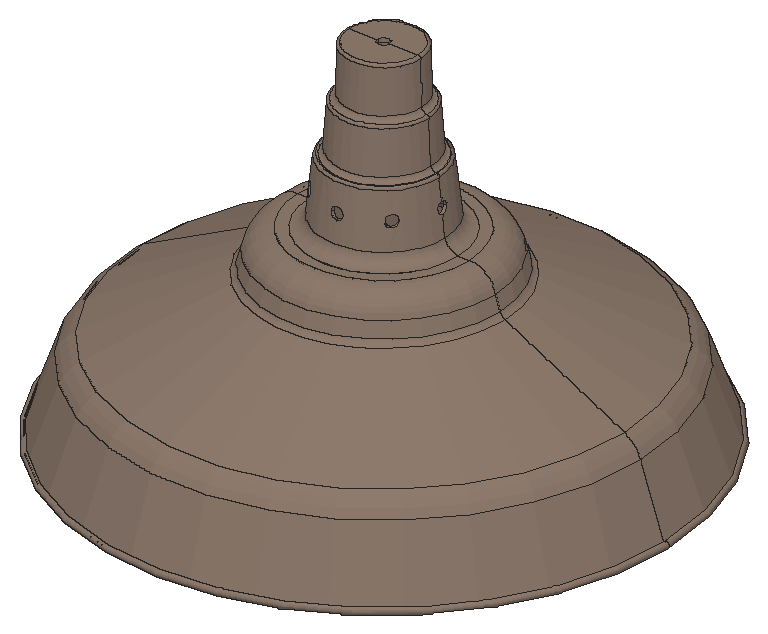
Revit family "VW524", category Generic Models, Revit 2017
Family settings
  Can host rebar = No
  Round Connector Dimension = Use Diameter
  Part Type = Normal
  Work Plane-Based = No
  Always vertical = Yes
  Cut with Voids When Loaded = No
  Shared = No
  Room Calculation Point = No
Parameters
  VW524 = ARCH. BRNZ.
Reference planes (in)
  plane 1 "Center (Front/Back)": y = 0
  plane 2: z = 0
  plane 3 "Center (Left/Right)": x = 0
Forms (in)
  Revolve 1, solid, material "ARCH. BRNZ." <- "VW524"
    sketch origin (0, 0, 0) x (1, 0, 0) y (0, 0, 1)
      loop
        arc (-1.79557, 21.8186) -> (-1.86356, 21.78696) -> (-1.89576, 21.71956) r 0.10888
        line (-1.89576, 21.71956) -> (-1.99977, 19.94737)
        arc (-1.99977, 19.94737) -> (-2.05922, 19.81373) -> (-2.18886, 19.74599) r 0.2222
        line (-2.18886, 19.74599) -> (-2.24203, 19.73817)
        arc (-2.24203, 19.73817) -> (-2.30783, 19.70248) -> (-2.33503, 19.63274) r 0.10888
        line (-2.33503, 19.63274) -> (-2.58991, 17.44509)
        arc (-2.58991, 17.44509) -> (-2.77048, 17.08988) -> (-3.14244, 16.94697) r 0.5555
        line (-3.14244, 16.94697) -> (-3.61725, 16.94697)
        arc (-3.61725, 16.94697) -> (-4.32418, 16.69304) -> (-4.70796, 16.04733) r 1.111
        line (-4.70796, 16.04733) -> (-4.88169, 15.45398)
        arc (-4.88169, 15.45398) -> (-4.96714, 15.31655) -> (-5.09614, 15.21883) r 0.4444
        arc (-5.09614, 15.21883) -> (-7.56287, 13.8517) -> (-10.15259, 12.73494) r 28.51405
        arc (-10.15259, 12.73494) -> (-10.56425, 12.39966) -> (-10.85854, 11.95776) r 1.7776
        arc (-10.85854, 11.95776) -> (-11.31229, 10.50456) -> (-11.87839, 9.09134) r 19.43637
        arc (-11.87839, 9.09134) -> (-11.90102, 9.09584) -> (-11.8882, 9.11502) r 0.01388
        line (-11.8882, 9.11502) -> (-11.8882, 9.24002)
        arc (-11.8882, 9.24002) -> (-12.01651, 9.048) -> (-11.79, 9.00295) r 0.13888
        arc (-11.79, 9.00295) -> (-11.20422, 10.43655) -> (-10.74084, 11.91427) r 18.43431
        arc (-10.74084, 11.91427) -> (-10.47184, 12.31549) -> (-10.0983, 12.62179) r 1.6526
        arc (-10.0983, 12.62179) -> (-7.50509, 13.74082) -> (-5.03472, 15.10984) r 28.63905
        arc (-5.03472, 15.10984) -> (-4.87277, 15.23454) -> (-4.7653, 15.4084) r 0.5694
        line (-4.7653, 15.4084) -> (-4.58631, 16.01794)
        arc (-4.58631, 16.01794) -> (-4.24684, 16.59479) -> (-3.61725, 16.82197) r 0.986
        line (-3.61725, 16.82197) -> (-3.14244, 16.82197)
        arc (-3.14244, 16.82197) -> (-2.68709, 16.99677) -> (-2.46567, 17.43136) r 0.6805
        line (-2.46567, 17.43136) -> (-2.21082, 19.61878)
        arc (-2.21082, 19.61878) -> (-1.98169, 19.71446) -> (-1.87506, 19.93869) r 0.3472
        line (-1.87506, 19.93869) -> (-1.77196, 21.69531)
        arc (-1.77196, 21.69531) -> (-1.55649, 21.80528) -> (-1.46515, 22.02929) r 0.3472
        line (-1.46515, 22.02929) -> (-1.43439, 23.82197) -> (-0.25, 23.82197) -> (-0.25, 23.94697) -> (-1.45026, 23.94697)
        arc (-1.45026, 23.94697) -> (-1.52589, 23.91641) -> (-1.55907, 23.84189) r 0.10888
        line (-1.55907, 23.84189) -> (-1.59011, 22.03242)
        arc (-1.59011, 22.03242) -> (-1.65195, 21.88622) -> (-1.79557, 21.8186) r 0.2222
      axis (0, 9.00295) -> (0, 23.94697)
    angle from 0 to 360
  Extrusion 2, void
    sketch origin (0, 0, 0) x (1, 0, 0) y (0, 0, 1)
      loop
        circle (0, 18.53891) r 0.25
    from 2.25517 to 2.54843
  Extrusion 3, void
    sketch origin (0, 0, 0) x (1, 0, 0) y (0, 0, -1)
      loop
        circle (0, -18.53891) r 0.25
    from 2.25517 to 2.54843
  Extrusion 4, void
    sketch origin (0, 0, 0) x (0.707107, -0.707107, 0) y (0, 0, 1)
      loop
        circle (0, 18.53891) r 0.25
    from 2.25517 to 2.54843
  Extrusion 5, void
    sketch origin (0, 0, 0) x (0.707107, -0.707107, 0) y (0, 0, -1)
      loop
        circle (0, -18.53891) r 0.25
    from 2.25517 to 2.54843
  Extrusion 6, void
    sketch origin (0, 0, 0) x (0, -1, 0) y (0, 0, 1)
      loop
        circle (0, 18.53891) r 0.25
    from 2.25517 to 2.54843
  Extrusion 7, void
    sketch origin (0, 0, 0) x (0, -1, 0) y (0, 0, -1)
      loop
        circle (0, -18.53891) r 0.25
    from 2.25517 to 2.54843
  Extrusion 8, void
    sketch origin (0, 0, 0) x (-0.707107, -0.707107, 0) y (0, 0, 1)
      loop
        circle (0, 18.53891) r 0.25
    from 2.25517 to 2.54843
  Extrusion 9, void
    sketch origin (0, 0, 0) x (-0.707107, -0.707107, 0) y (0, 0, -1)
      loop
        circle (0, -18.53891) r 0.25
    from 2.25517 to 2.54843
Cuts and joins
  Extrusion 2, Extrusion 3, Extrusion 4, Extrusion 5, Extrusion 6, Extrusion 7, Extrusion 8, Extrusion 9 cuts Revolve 1
Dimensions and locks (in)
  aligned and locked: plane 2 to level
